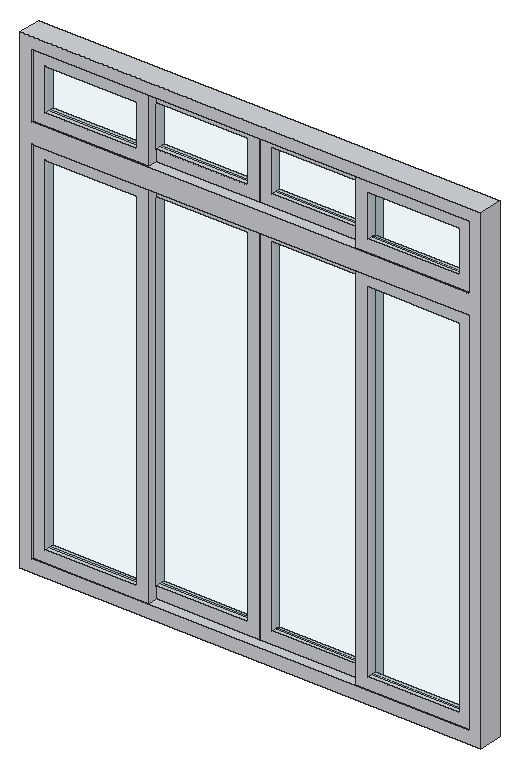
Revit family "DW1_DW5_落地鋁門窗", category 窗, Revit 2014
Parameters (values of type "240 x 250 cm")
  熱阻 (R) = 0.271106 (m²·K)/W
  Visual Light Transmittance = 0.9
  Solar Heat Gain Coefficient = 0.78
  營造類型 Id = "GSP4R"
  Height = 2500 mm
  傳熱係數 (U) = 3.6886 W/(m²·K)
  預設窗台高度 = 0 mm
  關鍵註記 = "四開落地門-有氣窗"
  Rough Height = Height  # 2500 mm
  Rough Width = Width  # 2400 mm
  裝飾外框寬度 = 60 mm
  玻璃材質 = 玻璃
  牆封閉 = 依主體
  裝飾外框材料 = none
  裝飾外框厚度 = 120 mm
  Width = 2400 mm
  操作 = "垂直雙重面板"
  內部框架材料 = none
  內框寬度 = 60 mm
  內框厚度 = 50 mm
  中樘寬度 = 100 mm
  下窗_高度 = 1940 mm
  解析營造 = "1/8 英吋 Pilkington 單層鑲嵌玻璃"
Types (2, lengths in mm): name | Height | Rough Height | Rough Width | Width | 下窗_高度
  240 x 250 cm | 2500 | 2500 | 2400 | 2400 | 1940
  300 x 235 cm | 2350 | 2350 | 3000 | 3000 | 1790
Reference planes
  plane 1: y = -180
  plane 2 "中心 (左/右)": x = 0
  plane 3 "左": x = -1200
  plane 4 "右": x = 1200
  plane 5 "窗台": z = 0
  plane 6 "窗頂": z = 2500
  plane 7 "外部": y = -105
  plane 8 "內部": y = -255
  plane 9: y = -120
  plane 10: y = -240
  plane 11: x = -1140
  plane 12: x = 1140
  plane 13: z = 2440
  plane 14: z = 60
  plane 15: x = -570
  plane 16: x = 570
  plane 17: x = -600
  plane 18: x = -540
  plane 19: x = 540
  plane 20: x = 600
  plane 21: z = 2100
  plane 22: z = 2000
Forms (mm)
  Extrusion 1, solid, material <- "裝飾外框材料"
    sketch origin (0, -180, 0) x (1, 0, 0) y (0, 0, 1)
      loop
        line (-1200, 2500) -> (-1200, 0) -> (1200, 0) -> (1200, 2500) -> (-1200, 2500)
      loop
        line (-1140, 2440) -> (-1140, 2100) -> (1140, 2100) -> (1140, 2440) -> (-1140, 2440)
      loop
        line (-1140, 60) -> (1140, 60) -> (1140, 2000) -> (-1140, 2000) -> (-1140, 60)
    from 60 to -60
Lines and regions (mm)
  Opening 1
    outline origin (3442.648, -255, 0) x (1, 0, 0) y (0, 0, 1)
      loop
        line (-2242.648, 0) -> (-2242.648, 2500) -> (-4642.648, 2500) -> (-4642.648, 0) -> (-2242.648, 0)
Text (mm)
  text "外部" at (-1963.203, 1332.353, 0), in view "參考樓層"
  text "內部" at (-1981.466, -818.386, 0), in view "參考樓層"
  text "外部" at (0, 923.751, 2943.296), in view "右"
  text "外部" at (0, 1040.484, 2685.409), in view "左"
Dimensions and locks
  equal spacing: plane 3 "左", plane 2 "中心 (左/右)", plane 4 "右"
  "Width": plane 3 "左" to plane 4 "右"
  "Height": plane 5 "窗台" to plane 6 "窗頂"
  "預設窗台高度": plane 5 "窗台" to level
  locked: plane 7 "外部" to host wall at 0
  locked: plane 8 "內部" to host wall
  equal spacing: plane 9, plane 1, plane 10
  "裝飾外框厚度": plane 9 to plane 10
  "裝飾外框寬度": plane 6 "窗頂" to plane 13
  "裝飾外框寬度": plane 14 to plane 5 "窗台"
  "裝飾外框寬度": plane 3 "左" to plane 11
  "裝飾外框寬度": plane 12 to plane 4 "右"
  equal spacing: plane 11, plane 15, plane 2 "中心 (左/右)"
  equal spacing: plane 2 "中心 (左/右)", plane 16, plane 12
  equal spacing: plane 17, plane 15, plane 18
  equal spacing: plane 19, plane 16, plane 20
  "內框寬度": plane 17 to plane 18
  "內框寬度": plane 19 to plane 20
  "下窗_高度": plane 14 to plane 22
  "中樘寬度": plane 22 to plane 21
  aligned and locked: plane 1 to nested 1
  aligned and locked: plane 1 to nested 2
  aligned and locked: plane 1 to host wall
  aligned and locked: host wall to Extrusion 1 sketch curve
  aligned and locked: Extrusion 1 sketch curve to host wall  (x3)
  aligned and locked: Opening 1 sketch curve to plane 6 "窗頂"
  aligned and locked: Opening 1 sketch curve to plane 4 "右"
  aligned and locked: Opening 1 sketch curve to plane 5 "窗台"
  aligned and locked: Opening 1 sketch curve to plane 3 "左"
  aligned and locked: Extrusion 1 sketch curve to plane 13
  aligned and locked: plane 11 to Extrusion 1 sketch curve
  aligned and locked: Extrusion 1 sketch curve to plane 12
  aligned and locked: plane 14 to Extrusion 1 sketch curve
  aligned and locked: plane 14 to nested 2
  aligned and locked: nested 1 to plane 14
  aligned and locked: plane 12 to nested 2
  aligned and locked: Extrusion 1 to plane 9
  aligned and locked: Extrusion 1 to plane 10
  aligned and locked: plane 19 to nested 2
  aligned and locked: nested 1 to plane 20
  aligned and locked: nested 1 to plane 2 "中心 (左/右)"
  aligned and locked: nested 3 to plane 2 "中心 (左/右)"
  aligned and locked: nested 3 to plane 17
  aligned and locked: plane 18 to nested 4
  aligned and locked: plane 11 to nested 4
  aligned and locked: nested 4 to plane 1
  aligned and locked: plane 1 to nested 3
  aligned and locked: nested 4 to plane 14
  aligned and locked: plane 14 to nested 3
  aligned and locked: plane 21 to Extrusion 1 sketch curve
  aligned and locked: Extrusion 1 sketch curve to plane 22
  aligned and locked: nested 2 to plane 22
  aligned and locked: plane 22 to nested 1
  aligned and locked: nested 3 to plane 22
  aligned and locked: plane 22 to nested 4
  aligned and locked: nested 5 to plane 13
  aligned and locked: plane 13 to nested 6
  aligned and locked: plane 13 to nested 7
  aligned and locked: nested 8 to plane 13
  aligned and locked: nested 5 to plane 21
  aligned and locked: plane 21 to nested 6
  aligned and locked: plane 21 to nested 7
  aligned and locked: nested 8 to plane 21
  aligned and locked: nested 5 to plane 2 "中心 (左/右)"
  aligned and locked: nested 7 to plane 2 "中心 (左/右)"
  aligned and locked: nested 5 to plane 20
  aligned and locked: plane 19 to nested 6
  aligned and locked: plane 12 to nested 6
  aligned and locked: nested 7 to plane 17
  aligned and locked: plane 11 to nested 8
  aligned and locked: plane 18 to nested 8
  aligned and locked: nested 8 to plane 1
  aligned and locked: nested 7 to plane 1
  aligned and locked: plane 1 to nested 5
  aligned and locked: plane 1 to nested 6
Automatic sketch dimensions
  Extrusion 1 sketch curve to Extrusion 1 sketch curve = 0 mm
  Extrusion 1 sketch curve to plane 12 = 0 mm
Nested families
  nested 1: "窗框" at (32.572, -1099.367, -940), type "窗框"
    with Height 1940 mm, Width 600 mm
  nested 2: "窗框" at (572.572, 739.367, -940), type "窗框"
    with Height 1940 mm, Width 600 mm
  nested 3: "窗框" at (-32.572, -1099.367, -940) x (-1, 0, 0) z (0, 0, 1), type "窗框"
    with Height 1940 mm, Width 600 mm
  nested 4: "窗框" at (-572.572, 739.367, -940) x (-1, 0, 0) z (0, 0, 1), type "窗框"
    with Height 1940 mm, Width 600 mm
  nested 5: "窗框" at (32.572, -1099.367, 1100), type "窗框"
    with Height 340 mm, Width 600 mm
  nested 6: "窗框" at (572.572, 739.367, 1100), type "窗框"
    with Height 340 mm, Width 600 mm
  nested 7: "窗框" at (-32.572, -1099.367, 1100) x (-1, 0, 0) z (0, 0, 1), type "窗框"
    with Height 340 mm, Width 600 mm
  nested 8: "窗框" at (-572.572, 739.367, 1100) x (-1, 0, 0) z (0, 0, 1), type "窗框"
    with Height 340 mm, Width 600 mm
Definition of nested family "窗框"
  Parameters (values of type "窗框")
    Height [instance] = 500 mm
    護桿寬度 = 20 mm
    護桿厚度 = 10 mm
    Analytic Construction = "<無>"
    Rough Height = 500 mm
    Rough Width = 600 mm
    Width [instance] = 600 mm
    裝飾外框材料 = none
    玻璃材質 = 玻璃
    玻璃厚度 = 10 mm
    裝飾外框寬度 = 60 mm
    裝飾外框厚度 = 50 mm
    Assembly Code = ""
  Reference planes
    plane 1 "中心 (前/後)": y = -919.367
    plane 2: z = 0
    plane 3 "中心 (左/右)": x = 267.428
    plane 4 "玻璃-上": y = -939.367
    plane 5 "玻璃-下": y = -949.367
    plane 6: y = -969.367
    plane 7: x = -32.572
    plane 8: x = 567.428
    plane 9: x = 27.428
    plane 10: x = 507.428
    plane 11: z = 1440
    plane 12: z = 1500
    plane 13: z = 1060
    plane 14: z = 1000
    plane 15: y = -944.367
  Forms (mm)
    Extrusion 1, solid, material "玻璃" <- "玻璃材質"
      sketch origin (-1499.274, -944.367, 1200) x (-1, 0, 0) y (0, 0, 1)
        loop
          line (-1526.702, 240) -> (-2006.702, 240) -> (-2006.702, -140) -> (-1526.702, -140) -> (-1526.702, 240)
      from -5 to 5
    Extrusion 2, solid, material <- "裝飾外框材料"
      sketch origin (-1499.274, -944.367, 1200) x (-1, 0, 0) y (0, 0, 1)
        loop
          line (-1466.702, 300) -> (-2066.702, 300) -> (-2066.702, -200) -> (-1466.702, -200) -> (-1466.702, 300)
        loop
          line (-1526.702, 240) -> (-2006.702, 240) -> (-2006.702, -140) -> (-1526.702, -140) -> (-1526.702, 240)
      from -25 to 25
  Dimensions and locks
    equal spacing: plane 10, plane 3 "中心 (左/右)", plane 9
    "裝飾外框寬度": plane 8 to plane 10
    "裝飾外框寬度": plane 9 to plane 7
    "裝飾外框寬度": plane 12 to plane 11
    "Width": plane 8 to plane 7
    "裝飾外框寬度": plane 13 to plane 14
    "Height": plane 12 to plane 14
    plane 14 to level = 1000 mm
    equal spacing: plane 4 "玻璃-上", plane 15, plane 5 "玻璃-下"
    "玻璃厚度": plane 4 "玻璃-上" to plane 5 "玻璃-下"
    equal spacing: plane 6, plane 15, plane 1 "中心 (前/後)"
    "裝飾外框厚度": plane 6 to plane 1 "中心 (前/後)"
    aligned and locked: Extrusion 1 sketch curve to plane 11
    aligned and locked: plane 9 to Extrusion 1 sketch curve
    aligned and locked: Extrusion 1 sketch curve to plane 10
    aligned and locked: plane 13 to Extrusion 1 sketch curve
    aligned and locked: plane 7 to Extrusion 2 sketch curve
    aligned and locked: Extrusion 2 sketch curve to plane 12
    aligned and locked: Extrusion 2 sketch curve to plane 8
    aligned and locked: plane 9 to Extrusion 2 sketch curve
    aligned and locked: plane 13 to Extrusion 2 sketch curve
    aligned and locked: Extrusion 2 sketch curve to plane 10
    aligned and locked: Extrusion 2 sketch curve to plane 11
    aligned and locked: Extrusion 2 sketch curve to plane 14
    aligned and locked: plane 2 to level
    aligned and locked: plane 6 to Extrusion 2
    aligned and locked: plane 1 "中心 (前/後)" to Extrusion 2
    aligned and locked: plane 5 "玻璃-下" to Extrusion 1
    aligned and locked: plane 4 "玻璃-上" to Extrusion 1
